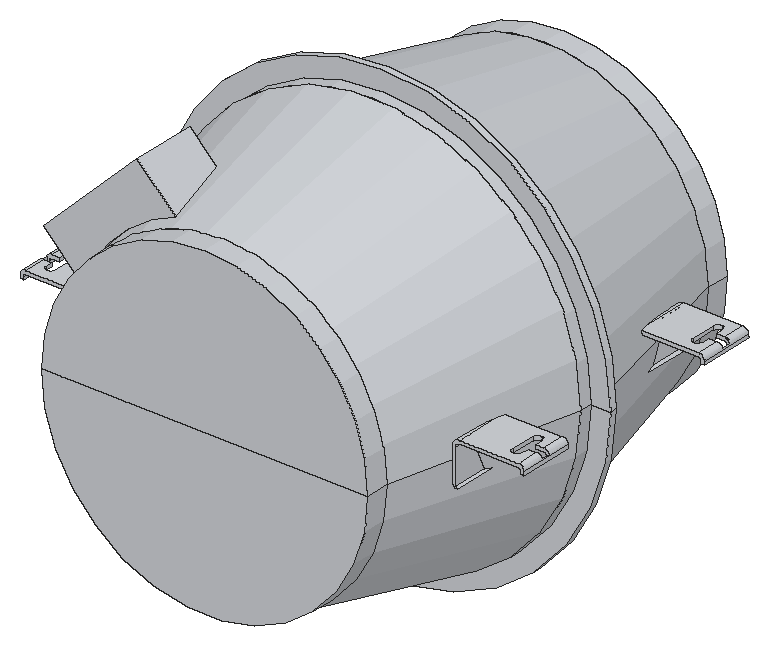
Revit family "FY-35DSM2", category Mechanical Equipment, Revit 2024
Family settings
  Round Connector Dimension = Use Diameter
  Part Type = Normal
  OmniClass Number = 23.75.00.00
  OmniClass Title = Climate Control (HVAC)
  Work Plane-Based = No
  Always vertical = Yes
  Cut with Voids When Loaded = No
  Maintain Annotation Orientation = No
  Shared = No
  Room Calculation Point = No
Parameters
  Default Elevation = 0 mm
Reference planes
  plane 1 "Center (Front/Back)": y = 0
  plane 2: z = 0
  plane 3 "Center (Left/Right)": x = 0
  plane 4 "1": y = -205
Forms (mm)
  Revolve 1, solid
    sketch origin (0, 0, 0) x (1, 0, 0) y (0, 1, 0)
      loop
        line (149, 205) -> (0, 205) -> (0, -205) -> (149, -205) -> (149, -183.5) -> (189.6, -13.2) -> (189.6, -1.2) -> (207.5, -1.2) -> (207.5, 5) -> (189.6, 5) -> (189.6, 13.2) -> (149, 183.5) -> (149, 205)
      axis (0, 205) -> (0, -205)
    angle from 0 to 360
  Extrusion 2, solid
    sketch origin (0, 0, 0) x (1, 0, 0) y (0, 0, 1)
      loop
        arc (230, 14.8) -> (228.477, 18.477) -> (224.8, 20) r 5.2
        line (224.8, 20) -> (170.993, 20)
        arc (170.993, 20) -> (166.609, 18.184) -> (164.793, 13.8) r 6.2
        line (164.793, 13.8) -> (164.793, -18) -> (166.793, -20) -> (169.904, -20) -> (167.904, -18) -> (167.904, 13.8)
        arc (167.904, 13.8) -> (168.782, 15.921) -> (170.904, 16.8) r 3
        line (170.904, 16.8) -> (224.8, 16.8)
        arc (224.8, 16.8) -> (226.214, 16.214) -> (226.8, 14.8) r 2
        line (226.8, 14.8) -> (226.8, 12) -> (230, 12) -> (230, 14.8)
    from 78 to 128
  Extrusion 3, solid
    sketch origin (0, 0, 0) x (-1, 0, 0) y (0, 0, -1)
      loop
        line (230, -14.8) -> (230, -12) -> (226.8, -12) -> (226.8, -14.8)
        arc (226.8, -14.8) -> (226.214, -16.214) -> (224.8, -16.8) r 2
        line (224.8, -16.8) -> (170.904, -16.8)
        arc (170.904, -16.8) -> (168.782, -15.921) -> (167.904, -13.8) r 3
        line (167.904, -13.8) -> (167.904, 18) -> (169.904, 20) -> (166.793, 20) -> (164.793, 18) -> (164.793, -13.8)
        arc (164.793, -13.8) -> (166.609, -18.184) -> (170.993, -20) r 6.2
        line (170.993, -20) -> (224.8, -20)
        arc (224.8, -20) -> (228.477, -18.477) -> (230, -14.8) r 5.2
    from 78 to 128
  Extrusion 4, void
    sketch origin (0, 0, 0) x (1, 0, 0) y (0, 1, 0)
      loop
        line (-229.811, -98.5) -> (-229.811, -107.5) -> (-217.5, -107.5) -> (-217.5, -114.517)
        arc (-217.5, -114.517) -> (-216.176, -117.688) -> (-213, -119) r 4.5
        arc (-213, -119) -> (-209.812, -117.676) -> (-208.5, -114.484) r 4.5
        line (-208.5, -114.484) -> (-208.5, -91.484)
        arc (-208.5, -91.484) -> (-209.824, -88.312) -> (-213, -87) r 4.5
        arc (-213, -87) -> (-216.188, -88.324) -> (-217.5, -91.517) r 4.5
        line (-217.5, -91.517) -> (-217.5, -98.5) -> (-229.811, -98.5)
    from 12 to 20
  Extrusion 5, void
    sketch origin (0, 0, 0) x (-1, 0, 0) y (0, -1, 0)
      loop
        line (-229.811, 98.5) -> (-217.5, 98.5) -> (-217.5, 91.517)
        arc (-217.5, 91.517) -> (-216.188, 88.324) -> (-213, 87) r 4.5
        arc (-213, 87) -> (-209.824, 88.312) -> (-208.5, 91.484) r 4.5
        line (-208.5, 91.484) -> (-208.5, 114.484)
        arc (-208.5, 114.484) -> (-209.812, 117.676) -> (-213, 119) r 4.5
        arc (-213, 119) -> (-216.176, 117.688) -> (-217.5, 114.517) r 4.5
        line (-217.5, 114.517) -> (-217.5, 107.5) -> (-229.811, 107.5) -> (-229.811, 98.5)
    from 12 to 20
  Extrusion 6, solid
    sketch origin (0, 0, 0) x (1, 0, 0) y (0, 0, -1)
      loop
        line (230, -14.8) -> (230, -12) -> (226.8, -12) -> (226.8, -14.8)
        arc (226.8, -14.8) -> (226.214, -16.214) -> (224.8, -16.8) r 2
        line (224.8, -16.8) -> (170.904, -16.8)
        arc (170.904, -16.8) -> (168.782, -15.921) -> (167.904, -13.8) r 3
        line (167.904, -13.8) -> (167.904, 18) -> (169.904, 20) -> (166.793, 20) -> (164.793, 18) -> (164.793, -13.8)
        arc (164.793, -13.8) -> (166.609, -18.184) -> (170.993, -20) r 6.2
        line (170.993, -20) -> (224.8, -20)
        arc (224.8, -20) -> (228.477, -18.477) -> (230, -14.8) r 5.2
    from 78 to 128
  Extrusion 7, solid
    sketch origin (0, 0, 0) x (-1, 0, 0) y (0, 0, 1)
      loop
        arc (230, 14.8) -> (228.477, 18.477) -> (224.8, 20) r 5.2
        line (224.8, 20) -> (170.993, 20)
        arc (170.993, 20) -> (166.609, 18.184) -> (164.793, 13.8) r 6.2
        line (164.793, 13.8) -> (164.793, -18) -> (166.793, -20) -> (169.904, -20) -> (167.904, -18) -> (167.904, 13.8)
        arc (167.904, 13.8) -> (168.782, 15.921) -> (170.904, 16.8) r 3
        line (170.904, 16.8) -> (224.8, 16.8)
        arc (224.8, 16.8) -> (226.214, 16.214) -> (226.8, 14.8) r 2
        line (226.8, 14.8) -> (226.8, 12) -> (230, 12) -> (230, 14.8)
    from 78 to 128
  Extrusion 8, void
    sketch origin (0, 0, 0) x (1, 0, 0) y (0, 1, 0)
      loop
        line (-229.811, 98.5) -> (-217.5, 98.5) -> (-217.5, 91.517)
        arc (-217.5, 91.517) -> (-216.188, 88.324) -> (-213, 87) r 4.5
        arc (-213, 87) -> (-209.824, 88.312) -> (-208.5, 91.484) r 4.5
        line (-208.5, 91.484) -> (-208.5, 114.484)
        arc (-208.5, 114.484) -> (-209.812, 117.676) -> (-213, 119) r 4.5
        arc (-213, 119) -> (-216.176, 117.688) -> (-217.5, 114.517) r 4.5
        line (-217.5, 114.517) -> (-217.5, 107.5) -> (-229.811, 107.5) -> (-229.811, 98.5)
    from 12 to 20
  Extrusion 9, void
    sketch origin (0, 0, 0) x (-1, 0, 0) y (0, -1, 0)
      loop
        line (-229.811, -98.5) -> (-229.811, -107.5) -> (-217.5, -107.5) -> (-217.5, -114.517)
        arc (-217.5, -114.517) -> (-216.176, -117.688) -> (-213, -119) r 4.5
        arc (-213, -119) -> (-209.812, -117.676) -> (-208.5, -114.484) r 4.5
        line (-208.5, -114.484) -> (-208.5, -91.484)
        arc (-208.5, -91.484) -> (-209.824, -88.312) -> (-213, -87) r 4.5
        arc (-213, -87) -> (-216.188, -88.324) -> (-217.5, -91.517) r 4.5
        line (-217.5, -91.517) -> (-217.5, -98.5) -> (-229.811, -98.5)
    from 12 to 20
  Extrusion 10, solid
    sketch origin (0, 0, 0) x (1, 0, 0) y (0, 0, 1)
      loop
        line (-55.909, 140.762) -> (-91.264, 176.117) -> (-176.117, 91.264) -> (-140.762, 55.909)
        arc (-140.762, 55.909) -> (-107.888, 107.888) -> (-55.909, 140.762) r 140
    from 108.5 to 168.5
Cuts and joins
  Extrusion 4, Extrusion 5, Extrusion 8 cuts Extrusion 3
  Extrusion 5, Extrusion 9 cuts Extrusion 2
  Extrusion 8 cuts Extrusion 7
  Extrusion 9 cuts Extrusion 6
Dimensions and locks
  aligned and locked: level to plane 2
Connectors
  hvac at (0, 205, 0)
    settings: on Revolve 1, index 1, duct flow 0.0 L/s, flow factor 0, pres drop 0.0 Pa, loss coef 0, conn angle 0.00°, conn width 304.8 mm, conn height 304.8 mm, conn diameter 300 mm, duct sys type 3, conn prof type 0, flow config 0, flow direction 0, loss method 0, conn ref index -1, conn util no, is conn primary yes, conn desc ""
  hvac at (0, -205, 0)
    settings: index 2, duct flow 0.0 L/s, flow factor 0, pres drop 0.0 Pa, loss coef 0, conn angle 0.00°, conn width 304.8 mm, conn height 304.8 mm, conn diameter 300 mm, duct sys type 3, conn prof type 0, flow config 0, flow direction 0, loss method 0, conn ref index -1, conn util no, is conn primary no, conn desc ""
